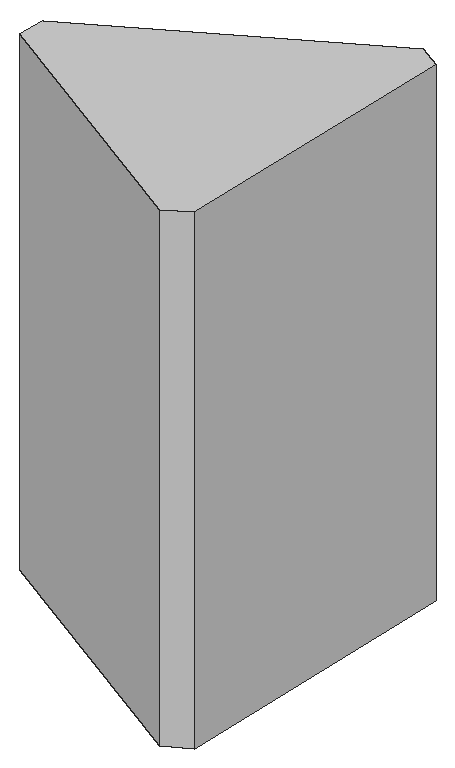
Revit family "YG41", category Specialty Equipment, Revit 2012
Parameters (values of type "Y-Gondola Junction (Default)")
  URL = "http://www.madixinc.com/display/maxiline/ygondola/index.html"
  Model = "Y-Gondola"
  Manufacturer = "© 2012 Madix, Inc. All rights reserved."
  Height = 4' - 0"
Reference planes (in)
  plane 1 "Center (Front/Back)": y = 0
  plane 2: z = 0
  plane 3 "Center (Left/Right)": x = 0
  plane 4: z = 48
Forms (in)
  Extrusion 1, solid, material "Metal - Steel"
    sketch origin (0, -0.25, 0) x (1, 0, 0) y (0, 1, 0)
      loop
        line (0, 15.29599) -> (25.98076, 0.29599) -> (28.36233, 1.67099) -> (28.36233, 31.67099) -> (25.98076, 33.04599) -> (0, 18.04599) -> (0, 15.29599)
    from 0 to 48
Dimensions and locks (in)
  "Height": plane 4 to level
  aligned and locked: level to plane 2
  aligned and locked: plane 4 to Extrusion 1
Automatic sketch dimensions
  Extrusion 1 sketch curve to plane 3 "Center (Left/Right)" = 0' - 0"
  plane 3 "Center (Left/Right)" to Extrusion 1 sketch curve = 2' - 1.98076"  (x2)
  Extrusion 1 sketch curve to plane 1 "Center (Front/Back)" = 0' - 0.04599"
  Extrusion 1 sketch curve to Extrusion 1 sketch curve = 0' - 2.38157"
  Extrusion 1 sketch curve to plane 1 "Center (Front/Back)" = 0' - 1.42099"
  Extrusion 1 sketch curve to plane 1 "Center (Front/Back)" = 1' - 3.04599"
  Extrusion 1 sketch curve to Extrusion 1 sketch curve = 0' - 2 3/4"
  Extrusion 1 sketch curve to Extrusion 1 sketch curve = 2' - 6"
  Extrusion 1 sketch curve to Extrusion 1 sketch curve = 0' - 1 3/8"
